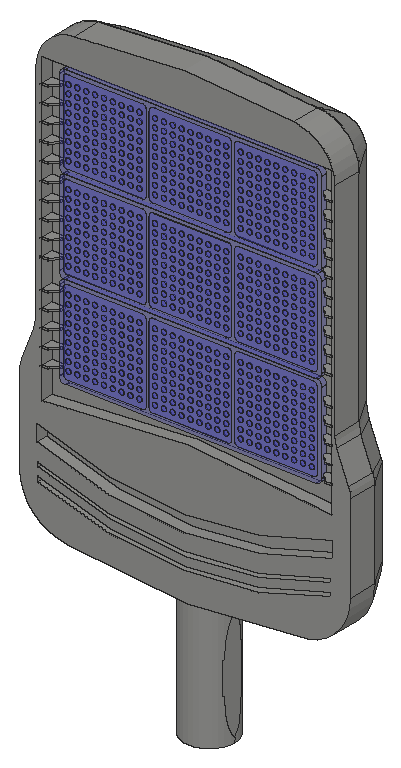
Revit family "VP-4-MAF", category Lighting Fixtures, host Face, Revit 2019
Family settings
  Host = Face
  Round Connector Dimension = Use Diameter
  Part Type = Normal
  OmniClass Number = 23.80.70.11.14.17
  OmniClass Title = Direct/Indirect
  Cut with Voids When Loaded = No
  Light Source = No
  Shared = Yes
  Room Calculation Point = No
Parameters (values of type "VP-4-MAF")
  Wattage Comments = "600 W"
  Warranty = "Five year warranty"  # constant formula
  Voltage = 120 V
  URL = "https://www.currentlighting.com/beacon"
  Type Comments = "Lighting Fixture"  # constant formula
  Product Page URL = "https://www.currentlighting.com/outdoor-lighting/viper-area-size-4/9606406"
  Product Documentation Link = "https://cdn.currentlighting.com/site/specsheet/BEA_VIPERSPEC.pdf"
  Power Factor = 0.9
  Name = "Viper Area Size 4"  # constant formula
  Model = "VP-4-MAF"
  Matt Grey = MATT GREY
  Matt Black = Matt Black
  Manufacturer = "Current Lighting"  # constant formula
  Load Classification = Lighting
  Light Output = 87468.00 cd/m²
  Lamp = "LED"  # constant formula
  Grey = Grey
  Glass = Glass
  Features = "Featuring two different optical technologies, Micro Strike and Strike Optics, which provide the best distribution patterns for retrofit or new construction\r\nVibration rated for high vibration applications including bridges and overpasses\r\nControl options including photo control, occupancy sensing, NX Lighting Controls, wiSCAPE and 7-Pin with networked controls\r\nMounting options include: Arm, Universal Arm, Adjustable Arm, Mast Arm, Decorative Arm, Knuckle, Trunnion, Wall\r\nDistribution options include: Auto Front Row, Type 2, Type 3, Type 4 Forward, Type 4 Wide, Type 5 Narrow, Type 5 Medium, Type 5 Wide, Type 5 Rectangular, Corner Optic, and Tennis Court\r\n\r\n"  # constant formula
  Copyright = "© 2022 Current Lighting"  # constant formula
  Cool Grey = Cool Grey
  Contact Us = "https://www.currentlighting.com/contact-us"
  Certification = "UL"  # constant formula
  Description = "The Viper is an extremely versatile area/site luminaire which blends design, performance, and technology for a variety of applications."  # constant formula
  Default Elevation = 48.00"
  Finish = Arctic White
  Matt White = Matt White
  CRI = "70"  # constant formula
  Brand = "Beacon"  # constant formula
  Assembly Code = "D5020200"
  Apparent Load = 600 VA
Reference planes (in)
  plane 1 "Center (Front/Back)": y = 6.16697
  plane 2: z = 0
  plane 3 "Center (Left/Right)": x = 0
  plane 4: z = 3.75
  plane 5: z = -4.44
  plane 6: x = -1.75
  plane 7: x = 1.75
  plane 8: y = 4.41697
  plane 9: y = 7.91697
  plane 10: z = 120
Lines and regions (in)
  reference lines
    curve 1: line (0, 14.42606, -3.25) -> (0, 17.42606, -0.25)
    curve 2: line (0, -2.09213, -3.25) -> (0, 14.42606, -3.25)
    curve 3: line (0, -5.09213, -0.25) -> (0, -2.09213, -3.25)
    curve 4: line (0, 14.42606, -3.25) -> (0, 17.42606, -0.25)
    curve 5: line (0, -5.09213, -0.25) -> (0, 17.42606, -0.25)
    curve 6: line (0, 17.17606, -0.77432) -> (0, 17.92606, -0.77432)
    curve 7: line (0, 17.17606, -1.52432) -> (0, 17.17606, -0.77432)
    curve 8: line (0, 16.69614, -1.52432) -> (0, 17.17606, -1.52432)
    curve 9: line (0, 14.92606, -4.25) -> (0, 16.69614, -1.52432)
    curve 10: line (0, -4.3622, -1.52432) -> (0, -2.59213, -4.25)
    curve 11: line (0, -4.84213, -1.52432) -> (0, -4.3622, -1.52432)
    curve 12: line (0, -4.84213, -0.77432) -> (0, -4.84213, -1.52432)
    curve 13: line (0, -5.59213, -0.77432) -> (0, -4.84213, -0.77432)
Dimensions and locks (in)
  plane 4 to plane 2 = 3.75"
  plane 8 to plane 9 = 3.50"
  equal spacing: plane 8, plane 1 "Center (Front/Back)", plane 9
  equal spacing: plane 6, plane 3 "Center (Left/Right)", plane 7
  plane 6 to plane 7 = 3.50"
  plane 10 to plane 2 = 120.00"
  aligned and locked: plane 2 to host face
  aligned and locked: level to host face
  aligned and locked: plane 3 "Center (Left/Right)" to nested 1
  aligned and locked: plane 1 "Center (Front/Back)" to nested 1
Automatic sketch dimensions
  host sketch curve to host sketch curve = 96.00"
  host sketch curve to host sketch curve = 85.00"
  curve 3 to level = 0.25"
  plane 8 to curve 3 = 9.50909"
  curve 3 to curve 12 = 0.25"
  curve 11 to curve 11 = 0.47992"
  curve 2 to plane 5 = 1.19"
  curve 10 to curve 2 = 2.27008"
  curve 1 to plane 9 = 6.50909"
  curve 9 to level = 1.52432"
  curve 1 to curve 9 = 2.27008"
  curve 8 to curve 8 = 0.47992"
  curve 6 to curve 4 = 0.25"
  curve 10 to curve 3 = 1.27432"
  curve 7 to curve 1 = 0.52432"
  curve 12 to curve 3 = 0.52432"
  curve 13 to curve 3 = 0.50"
  curve 10 to plane 5 = 0.19"
  curve 10 to curve 2 = 0.50"
  curve 9 to plane 5 = 0.19"
  curve 1 to curve 9 = 0.50"
  curve 1 to curve 6 = 0.50"
Nested families (in)
  nested 1: "SIZE4-MAF" at (0, 6.16697, 0), type "SIZE4-MAF"
Connectors (in)
  electrical at (8.05953, 4.7895, 17.66953)
    settings: on nested 1, index 1, voltage 0 V, apparent load 0 VA, apparent load phase1 0 VA, apparent load phase2 0 VA, apparent load phase3 0 VA, power factor 1, load classification "Other", number of poles 1, system type 30, power factor state 1, is connector primary yes, connector utility no, sub classification motor no, connector description ""
Definition of nested family "SIZE4-MAF"
  Parameters (values of type "SIZE4-MAF")
    Width = 19.62"
    Wattage = 519.1 W
    built-in parameter 1150110 = 1 (stored number, unit not read)
    built-in parameter 1114217 = 1 (stored number, unit not read)
    Tilt Angle = 160.00°
    built-in parameter 1150109 = 1 (stored number, unit not read)
    built-in parameter 1150134 = 3
    built-in parameter 1150113 = 1 (stored number, unit not read)
    Photometric Web File = "VP-4-720L-515-5K7-4W-BC.ies"
    Mount Length = 7.50"
    built-in parameter 1150105 = 3180.8 (stored number, unit not read)
    Lumens = 39970.7 lm
    built-in parameter 1150115 = 1 (stored number, unit not read)
    built-in parameter 1150137 = (empty or 0)
    built-in parameter 1150139 = (empty or 0)
    Length = 27.98"
    built-in parameter 1150112 = 1 (stored number, unit not read)
    built-in parameter 1150114 = 1 (stored number, unit not read)
    built-in parameter 1150132 = (empty or 0)
    built-in parameter 1150102 = (empty or 0)
    built-in parameter 1150107 = 3200 (stored number, unit not read)
    built-in parameter 1150138 = (empty or 0)
    built-in parameter 1150106 = 31.808 (stored number, unit not read)
    Glass = none
    Fixture = none
    built-in parameter 1150104 = 7.1535 (stored number, unit not read)
    Dimming Lamp Color Temperature Shift = (empty or 0)
    Default Elevation = 48.00"
    Color Filter = 16777215
    built-in parameter 1114218 = 1 (stored number, unit not read)
    built-in parameter 1150133 = 10 (stored number, unit not read)
  Reference planes (in)
    plane 1 "Center (Front/Back)": y = 0
    plane 2: z = 0
    plane 3 "Center (Left/Right)": x = 0
    plane 4: x = 9.81
    plane 5: x = -9.81
    plane 6: z = 7.5
    plane 7: z = 35.48
    plane 8: y = -1.74
    plane 9: y = 1.74
  Forms (in)
    Extrusion 1, solid
      sketch origin (0, 0, 0) x (1, 0, 0) y (0, 1, 0)
        loop
          line (-48, 48) -> (-48, -48) -> (48, -48) -> (48, 48) -> (-48, 48)
      from 0 to -12
    Extrusion 2, void
      sketch origin (0, 0, 0) x (1, 0, 0) y (0, 0, 1)
        loop
          arc (-8.40608, 15.16005) -> (0.0771, 15.81374) -> (8.56, 15.15635) r 55.21553
          line (8.56, 15.15635) -> (8.56, 33.16182) -> (-8.40608, 33.16182) -> (-8.40608, 15.16005)
      from 1 to 1.75
    Extrusion 3, solid, material <- "Glass"
      sketch origin (0, 0, -0.5) x (1, 0, 0) y (0, 0, 1)
        loop
          arc (-7.30987, 33.16182) -> (-7.55736, 33.05931) -> (-7.65987, 32.81182) r 0.35
          line (-7.65987, 32.81182) -> (-7.65987, 28.01182)
          arc (-7.65987, 28.01182) -> (-7.55736, 27.76434) -> (-7.30987, 27.66182) r 0.35
          line (-7.30987, 27.66182) -> (7.30987, 27.66182)
          arc (7.30987, 27.66182) -> (7.55736, 27.76434) -> (7.65987, 28.01182) r 0.35
          line (7.65987, 28.01182) -> (7.65987, 32.81182)
          arc (7.65987, 32.81182) -> (7.55736, 33.05931) -> (7.30987, 33.16182) r 0.35
          line (7.30987, 33.16182) -> (-7.30987, 33.16182)
      from 1 to 1.35
    Extrusion 4, solid, material <- "Glass"
      sketch origin (0.375, 0, -0.375) x (1, 0, 0) y (0, 0, 1)
        loop
          circle (-7.47829, 32.33694) r 0.15
        loop
          circle (-6.95955, 32.33694) r 0.15
        loop
          circle (-6.4408, 32.33694) r 0.15
        loop
          circle (-5.92205, 32.33694) r 0.15
        loop
          circle (-5.4033, 32.33694) r 0.15
        loop
          circle (-4.88455, 32.33694) r 0.15
        loop
          circle (-4.3658, 32.33694) r 0.15
        loop
          circle (-3.84705, 32.33694) r 0.15
        loop
          circle (-3.32831, 32.33694) r 0.15
        loop
          circle (-7.47829, 31.83694) r 0.15
        loop
          circle (-6.95955, 31.83694) r 0.15
        loop
          circle (-6.4408, 31.83694) r 0.15
        loop
          circle (-5.92205, 31.83694) r 0.15
        loop
          circle (-5.4033, 31.83694) r 0.15
        loop
          circle (-4.88455, 31.83694) r 0.15
        loop
          circle (-4.3658, 31.83694) r 0.15
        loop
          circle (-3.84705, 31.83694) r 0.15
        loop
          circle (-3.32831, 31.83694) r 0.15
        loop
          circle (-7.47829, 31.33694) r 0.15
        loop
          circle (-6.95955, 31.33694) r 0.15
        loop
          circle (-6.4408, 31.33694) r 0.15
        loop
          circle (-5.92205, 31.33694) r 0.15
        loop
          circle (-5.4033, 31.33694) r 0.15
        loop
          circle (-4.88455, 31.33694) r 0.15
        loop
          circle (-4.3658, 31.33694) r 0.15
        loop
          circle (-3.84705, 31.33694) r 0.15
        loop
          circle (-3.32831, 31.33694) r 0.15
        loop
          circle (-7.47829, 30.83694) r 0.15
        loop
          circle (-6.95955, 30.83694) r 0.15
        loop
          circle (-6.4408, 30.83694) r 0.15
        loop
          circle (-5.92205, 30.83694) r 0.15
        loop
          circle (-5.4033, 30.83694) r 0.15
        loop
          circle (-4.88455, 30.83694) r 0.15
        loop
          circle (-4.3658, 30.83694) r 0.15
        loop
          circle (-3.84705, 30.83694) r 0.15
        loop
          circle (-3.32831, 30.83694) r 0.15
        loop
          circle (-7.47829, 30.33694) r 0.15
        loop
          circle (-6.95955, 30.33694) r 0.15
        loop
          circle (-6.4408, 30.33694) r 0.15
        loop
          circle (-5.92205, 30.33694) r 0.15
        loop
          circle (-5.4033, 30.33694) r 0.15
        loop
          circle (-4.88455, 30.33694) r 0.15
        loop
          circle (-4.3658, 30.33694) r 0.15
        loop
          circle (-3.84705, 30.33694) r 0.15
        loop
          circle (-3.32831, 30.33694) r 0.15
        loop
          circle (-7.47829, 29.83694) r 0.15
        loop
          circle (-6.95955, 29.83694) r 0.15
        loop
          circle (-6.4408, 29.83694) r 0.15
        loop
          circle (-5.92205, 29.83694) r 0.15
        loop
          circle (-5.4033, 29.83694) r 0.15
        loop
          circle (-4.88455, 29.83694) r 0.15
        loop
          circle (-4.3658, 29.83694) r 0.15
        loop
          circle (-3.84705, 29.83694) r 0.15
        loop
          circle (-3.32831, 29.83694) r 0.15
        loop
          circle (-7.47829, 29.33694) r 0.15
        loop
          circle (-6.95955, 29.33694) r 0.15
        loop
          circle (-6.4408, 29.33694) r 0.15
        loop
          circle (-5.92205, 29.33694) r 0.15
        loop
          circle (-5.4033, 29.33694) r 0.15
        loop
          circle (-4.88455, 29.33694) r 0.15
        loop
          circle (-4.3658, 29.33694) r 0.15
        loop
          circle (-3.84705, 29.33694) r 0.15
        loop
          circle (-3.32831, 29.33694) r 0.15
        loop
          circle (-7.47829, 28.83694) r 0.15
        loop
          circle (-6.95955, 28.83694) r 0.15
        loop
          circle (-6.4408, 28.83694) r 0.15
        loop
          circle (-5.92205, 28.83694) r 0.15
        loop
          circle (-5.4033, 28.83694) r 0.15
        loop
          circle (-4.88455, 28.83694) r 0.15
        loop
          circle (-4.3658, 28.83694) r 0.15
        loop
          circle (-3.84705, 28.83694) r 0.15
        loop
          circle (-3.32831, 28.83694) r 0.15
        loop
          circle (-7.47829, 28.33694) r 0.15
        loop
          circle (-6.95955, 28.33694) r 0.15
        loop
          circle (-6.4408, 28.33694) r 0.15
        loop
          circle (-5.92205, 28.33694) r 0.15
        loop
          circle (-5.4033, 28.33694) r 0.15
        loop
          circle (-4.88455, 28.33694) r 0.15
        loop
          circle (-4.3658, 28.33694) r 0.15
        loop
          circle (-3.84705, 28.33694) r 0.15
        loop
          circle (-3.32831, 28.33694) r 0.15
      from 1.35 to 1.4
    Extrusion 5, solid, material <- "Glass"
      sketch origin (0, 0, -0.375) x (1, 0, 0) y (0, 0, 1)
        loop
          arc (-7.16655, 32.8409) -> (-7.34333, 32.76768) -> (-7.41655, 32.5909) r 0.25
          line (-7.41655, 32.5909) -> (-7.41655, 28.0909)
          arc (-7.41655, 28.0909) -> (-7.34333, 27.91412) -> (-7.16655, 27.8409) r 0.25
          line (-7.16655, 27.8409) -> (-2.81123, 27.8409)
          arc (-2.81123, 27.8409) -> (-2.63446, 27.91412) -> (-2.56123, 28.0909) r 0.25
          line (-2.56123, 28.0909) -> (-2.56123, 32.5909)
          arc (-2.56123, 32.5909) -> (-2.63446, 32.76768) -> (-2.81123, 32.8409) r 0.25
          line (-2.81123, 32.8409) -> (-7.16655, 32.8409)
      from 1.35 to 1.37213
    Extrusion 6, solid, material <- "Fixture"
      sketch origin (0, 0, 12.875) x (1, 0, 0) y (0, 1, 0)
        loop
          line (7.68693, -1) -> (7.68693, -1.20146)
          arc (7.68693, -1.20146) -> (7.69367, -1.23973) -> (7.71311, -1.27339) r 0.1119
          line (7.71311, -1.27339) -> (8.07367, -1.70309)
          arc (8.07367, -1.70309) -> (8.10164, -1.72455) -> (8.13607, -1.73219) r 0.08147
          line (8.13607, -1.73219) -> (8.56, -1.73219) -> (8.56, -1) -> (7.68693, -1)
      from 18.55 to 18.65
    Extrusion 7, solid, material <- "Glass"
      sketch origin (-0.375, 0, -0.375) x (-1, 0, 0) y (0, 0, -1)
        loop
          circle (-7.47829, -32.33694) r 0.15
        loop
          circle (-6.95955, -32.33694) r 0.15
        loop
          circle (-6.4408, -32.33694) r 0.15
        loop
          circle (-5.92205, -32.33694) r 0.15
        loop
          circle (-5.4033, -32.33694) r 0.15
        loop
          circle (-4.88455, -32.33694) r 0.15
        loop
          circle (-4.3658, -32.33694) r 0.15
        loop
          circle (-3.84705, -32.33694) r 0.15
        loop
          circle (-3.32831, -32.33694) r 0.15
        loop
          circle (-7.47829, -31.83694) r 0.15
        loop
          circle (-6.95955, -31.83694) r 0.15
        loop
          circle (-6.4408, -31.83694) r 0.15
        loop
          circle (-5.92205, -31.83694) r 0.15
        loop
          circle (-5.4033, -31.83694) r 0.15
        loop
          circle (-4.88455, -31.83694) r 0.15
        loop
          circle (-4.3658, -31.83694) r 0.15
        loop
          circle (-3.84705, -31.83694) r 0.15
        loop
          circle (-3.32831, -31.83694) r 0.15
        loop
          circle (-7.47829, -31.33694) r 0.15
        loop
          circle (-6.95955, -31.33694) r 0.15
        loop
          circle (-6.4408, -31.33694) r 0.15
        loop
          circle (-5.92205, -31.33694) r 0.15
        loop
          circle (-5.4033, -31.33694) r 0.15
        loop
          circle (-4.88455, -31.33694) r 0.15
        loop
          circle (-4.3658, -31.33694) r 0.15
        loop
          circle (-3.84705, -31.33694) r 0.15
        loop
          circle (-3.32831, -31.33694) r 0.15
        loop
          circle (-7.47829, -30.83694) r 0.15
        loop
          circle (-6.95955, -30.83694) r 0.15
        loop
          circle (-6.4408, -30.83694) r 0.15
        loop
          circle (-5.92205, -30.83694) r 0.15
        loop
          circle (-5.4033, -30.83694) r 0.15
        loop
          circle (-4.88455, -30.83694) r 0.15
        loop
          circle (-4.3658, -30.83694) r 0.15
        loop
          circle (-3.84705, -30.83694) r 0.15
        loop
          circle (-3.32831, -30.83694) r 0.15
        loop
          circle (-7.47829, -30.33694) r 0.15
        loop
          circle (-6.95955, -30.33694) r 0.15
        loop
          circle (-6.4408, -30.33694) r 0.15
        loop
          circle (-5.92205, -30.33694) r 0.15
        loop
          circle (-5.4033, -30.33694) r 0.15
        loop
          circle (-4.88455, -30.33694) r 0.15
        loop
          circle (-4.3658, -30.33694) r 0.15
        loop
          circle (-3.84705, -30.33694) r 0.15
        loop
          circle (-3.32831, -30.33694) r 0.15
        loop
          circle (-7.47829, -29.83694) r 0.15
        loop
          circle (-6.95955, -29.83694) r 0.15
        loop
          circle (-6.4408, -29.83694) r 0.15
        loop
          circle (-5.92205, -29.83694) r 0.15
        loop
          circle (-5.4033, -29.83694) r 0.15
        loop
          circle (-4.88455, -29.83694) r 0.15
        loop
          circle (-4.3658, -29.83694) r 0.15
        loop
          circle (-3.84705, -29.83694) r 0.15
        loop
          circle (-3.32831, -29.83694) r 0.15
        loop
          circle (-7.47829, -29.33694) r 0.15
        loop
          circle (-6.95955, -29.33694) r 0.15
        loop
          circle (-6.4408, -29.33694) r 0.15
        loop
          circle (-5.92205, -29.33694) r 0.15
        loop
          circle (-5.4033, -29.33694) r 0.15
        loop
          circle (-4.88455, -29.33694) r 0.15
        loop
          circle (-4.3658, -29.33694) r 0.15
        loop
          circle (-3.84705, -29.33694) r 0.15
        loop
          circle (-3.32831, -29.33694) r 0.15
        loop
          circle (-7.47829, -28.83694) r 0.15
        loop
          circle (-6.95955, -28.83694) r 0.15
        loop
          circle (-6.4408, -28.83694) r 0.15
        loop
          circle (-5.92205, -28.83694) r 0.15
        loop
          circle (-5.4033, -28.83694) r 0.15
        loop
          circle (-4.88455, -28.83694) r 0.15
        loop
          circle (-4.3658, -28.83694) r 0.15
        loop
          circle (-3.84705, -28.83694) r 0.15
        loop
          circle (-3.32831, -28.83694) r 0.15
        loop
          circle (-7.47829, -28.33694) r 0.15
        loop
          circle (-6.95955, -28.33694) r 0.15
        loop
          circle (-6.4408, -28.33694) r 0.15
        loop
          circle (-5.92205, -28.33694) r 0.15
        loop
          circle (-5.4033, -28.33694) r 0.15
        loop
          circle (-4.88455, -28.33694) r 0.15
        loop
          circle (-4.3658, -28.33694) r 0.15
        loop
          circle (-3.84705, -28.33694) r 0.15
        loop
          circle (-3.32831, -28.33694) r 0.15
      from 1.35 to 1.4
    Extrusion 8, solid, material <- "Glass"
      sketch origin (0, 0, -0.375) x (-1, 0, 0) y (0, 0, -1)
        loop
          line (-7.16655, -32.8409) -> (-2.84181, -32.8409)
          arc (-2.84181, -32.8409) -> (-2.66504, -32.76768) -> (-2.59181, -32.5909) r 0.25
          line (-2.59181, -32.5909) -> (-2.59181, -28.0909)
          arc (-2.59181, -28.0909) -> (-2.66504, -27.91412) -> (-2.84181, -27.8409) r 0.25
          line (-2.84181, -27.8409) -> (-7.16655, -27.8409)
          arc (-7.16655, -27.8409) -> (-7.34333, -27.91412) -> (-7.41655, -28.0909) r 0.25
          line (-7.41655, -28.0909) -> (-7.41655, -32.5909)
          arc (-7.41655, -32.5909) -> (-7.34333, -32.76768) -> (-7.16655, -32.8409) r 0.25
      from 1.35 to 1.37213
    Extrusion 9, solid, material <- "Glass"
      sketch origin (0, 0, -5.75) x (1, 0, 0) y (0, 0, 1)
        loop
          arc (-7.30987, 32.91182) -> (-7.55736, 32.80931) -> (-7.65987, 32.56182) r 0.35
          line (-7.65987, 32.56182) -> (-7.65987, 27.76182)
          arc (-7.65987, 27.76182) -> (-7.55736, 27.51434) -> (-7.30987, 27.41182) r 0.35
          line (-7.30987, 27.41182) -> (7.30987, 27.41182)
          arc (7.30987, 27.41182) -> (7.55736, 27.51434) -> (7.65987, 27.76182) r 0.35
          line (7.65987, 27.76182) -> (7.65987, 32.56182)
          arc (7.65987, 32.56182) -> (7.55736, 32.80931) -> (7.30987, 32.91182) r 0.35
          line (7.30987, 32.91182) -> (-7.30987, 32.91182)
      from 1 to 1.35
    Extrusion 10, solid, material <- "Glass"
      sketch origin (0, 0, 47.30365) x (1, 0, 0) y (0, 0, 1)
        loop
          line (-7.30987, -31.14182) -> (7.30987, -31.14182)
          arc (7.30987, -31.14182) -> (7.55736, -31.03931) -> (7.65987, -30.79182) r 0.35
          line (7.65987, -30.79182) -> (7.65987, -25.99182)
          arc (7.65987, -25.99182) -> (7.55736, -25.74434) -> (7.30987, -25.64182) r 0.35
          line (7.30987, -25.64182) -> (-7.30987, -25.64182)
          arc (-7.30987, -25.64182) -> (-7.55736, -25.74434) -> (-7.65987, -25.99182) r 0.35
          line (-7.65987, -25.99182) -> (-7.65987, -30.79182)
          arc (-7.65987, -30.79182) -> (-7.55736, -31.03931) -> (-7.30987, -31.14182) r 0.35
      from 1 to 1.35
    Extrusion 11, solid, material <- "Fixture"
      sketch origin (0, 0, 11.87318) x (1, 0, 0) y (0, 1, 0)
        loop
          line (7.68693, -1) -> (7.68693, -1.20146)
          arc (7.68693, -1.20146) -> (7.69367, -1.23973) -> (7.71311, -1.27339) r 0.1119
          line (7.71311, -1.27339) -> (8.07367, -1.70309)
          arc (8.07367, -1.70309) -> (8.10164, -1.72455) -> (8.13607, -1.73219) r 0.08147
          line (8.13607, -1.73219) -> (8.56, -1.73219) -> (8.56, -1) -> (7.68693, -1)
      from 18.55 to 18.65
    Extrusion 12, solid, material <- "Fixture"
      sketch origin (0, 0, 10.87135) x (1, 0, 0) y (0, 1, 0)
        loop
          line (7.68693, -1) -> (7.68693, -1.20146)
          arc (7.68693, -1.20146) -> (7.69367, -1.23973) -> (7.71311, -1.27339) r 0.1119
          line (7.71311, -1.27339) -> (8.07367, -1.70309)
          arc (8.07367, -1.70309) -> (8.10164, -1.72455) -> (8.13607, -1.73219) r 0.08147
          line (8.13607, -1.73219) -> (8.56, -1.73219) -> (8.56, -1) -> (7.68693, -1)
      from 18.55 to 18.65
    Extrusion 13, solid, material <- "Fixture"
      sketch origin (0, 0, 9.86953) x (1, 0, 0) y (0, 1, 0)
        loop
          line (7.68693, -1) -> (7.68693, -1.20146)
          arc (7.68693, -1.20146) -> (7.69367, -1.23973) -> (7.71311, -1.27339) r 0.1119
          line (7.71311, -1.27339) -> (8.07367, -1.70309)
          arc (8.07367, -1.70309) -> (8.10164, -1.72455) -> (8.13607, -1.73219) r 0.08147
          line (8.13607, -1.73219) -> (8.56, -1.73219) -> (8.56, -1) -> (7.68693, -1)
      from 18.55 to 18.65
    Extrusion 14, solid, material <- "Fixture"
      sketch origin (0, 0, 8.86953) x (1, 0, 0) y (0, 1, 0)
        loop
          line (7.68693, -1) -> (7.68693, -1.20146)
          arc (7.68693, -1.20146) -> (7.69367, -1.23973) -> (7.71311, -1.27339) r 0.1119
          line (7.71311, -1.27339) -> (8.07367, -1.70309)
          arc (8.07367, -1.70309) -> (8.10164, -1.72455) -> (8.13607, -1.73219) r 0.08147
          line (8.13607, -1.73219) -> (8.56, -1.73219) -> (8.56, -1) -> (7.68693, -1)
      from 18.55 to 18.65
    Extrusion 15, solid, material <- "Fixture"
      sketch origin (0, 0, 7.8125) x (1, 0, 0) y (0, 1, 0)
        loop
          line (7.68693, -1) -> (7.68693, -1.20146)
          arc (7.68693, -1.20146) -> (7.69367, -1.23973) -> (7.71311, -1.27339) r 0.1119
          line (7.71311, -1.27339) -> (8.07367, -1.70309)
          arc (8.07367, -1.70309) -> (8.10164, -1.72455) -> (8.13607, -1.73219) r 0.08147
          line (8.13607, -1.73219) -> (8.56, -1.73219) -> (8.56, -1) -> (7.68693, -1)
      from 18.55 to 18.65
    Extrusion 16, solid, material <- "Fixture"
      sketch origin (0, 0, 6.81068) x (1, 0, 0) y (0, 1, 0)
        loop
          line (7.68693, -1) -> (7.68693, -1.20146)
          arc (7.68693, -1.20146) -> (7.69367, -1.23973) -> (7.71311, -1.27339) r 0.1119
          line (7.71311, -1.27339) -> (8.07367, -1.70309)
          arc (8.07367, -1.70309) -> (8.10164, -1.72455) -> (8.13607, -1.73219) r 0.08147
          line (8.13607, -1.73219) -> (8.56, -1.73219) -> (8.56, -1) -> (7.68693, -1)
      from 18.55 to 18.65
    Extrusion 17, solid, material <- "Fixture"
      sketch origin (0, 0, 5.80885) x (1, 0, 0) y (0, 1, 0)
        loop
          line (7.68693, -1) -> (7.68693, -1.20146)
          arc (7.68693, -1.20146) -> (7.69367, -1.23973) -> (7.71311, -1.27339) r 0.1119
          line (7.71311, -1.27339) -> (8.07367, -1.70309)
          arc (8.07367, -1.70309) -> (8.10164, -1.72455) -> (8.13607, -1.73219) r 0.08147
          line (8.13607, -1.73219) -> (8.56, -1.73219) -> (8.56, -1) -> (7.68693, -1)
      from 18.55 to 18.65
    Extrusion 18, solid, material <- "Fixture"
      sketch origin (0, 0, 4.80703) x (1, 0, 0) y (0, 1, 0)
        loop
          line (7.68693, -1) -> (7.68693, -1.20146)
          arc (7.68693, -1.20146) -> (7.69367, -1.23973) -> (7.71311, -1.27339) r 0.1119
          line (7.71311, -1.27339) -> (8.07367, -1.70309)
          arc (8.07367, -1.70309) -> (8.10164, -1.72455) -> (8.13607, -1.73219) r 0.08147
          line (8.13607, -1.73219) -> (8.56, -1.73219) -> (8.56, -1) -> (7.68693, -1)
      from 18.55 to 18.65
    Extrusion 19, solid, material <- "Fixture"
      sketch origin (0, 0, 3.80703) x (1, 0, 0) y (0, 1, 0)
        loop
          line (7.68693, -1) -> (7.68693, -1.20146)
          arc (7.68693, -1.20146) -> (7.69367, -1.23973) -> (7.71311, -1.27339) r 0.1119
          line (7.71311, -1.27339) -> (8.07367, -1.70309)
          arc (8.07367, -1.70309) -> (8.10164, -1.72455) -> (8.13607, -1.73219) r 0.08147
          line (8.13607, -1.73219) -> (8.56, -1.73219) -> (8.56, -1) -> (7.68693, -1)
      from 18.55 to 18.65
    Extrusion 20, solid, material <- "Fixture"
      sketch origin (0, 0, 2.125) x (1, 0, 0) y (0, 1, 0)
        loop
          line (7.68693, -1) -> (7.68693, -1.20146)
          arc (7.68693, -1.20146) -> (7.69367, -1.23973) -> (7.71311, -1.27339) r 0.1119
          line (7.71311, -1.27339) -> (8.07367, -1.70309)
          arc (8.07367, -1.70309) -> (8.10164, -1.72455) -> (8.13607, -1.73219) r 0.08147
          line (8.13607, -1.73219) -> (8.56, -1.73219) -> (8.56, -1) -> (7.68693, -1)
      from 18.55 to 18.65
    Extrusion 21, solid, material <- "Fixture"
      sketch origin (0, 0, 1.12318) x (1, 0, 0) y (0, 1, 0)
        loop
          line (7.68693, -1) -> (7.68693, -1.20146)
          arc (7.68693, -1.20146) -> (7.69367, -1.23973) -> (7.71311, -1.27339) r 0.1119
          line (7.71311, -1.27339) -> (8.07367, -1.70309)
          arc (8.07367, -1.70309) -> (8.10164, -1.72455) -> (8.13607, -1.73219) r 0.08147
          line (8.13607, -1.73219) -> (8.56, -1.73219) -> (8.56, -1) -> (7.68693, -1)
      from 18.55 to 18.65
    Extrusion 22, solid, material <- "Fixture"
      sketch origin (0, 0, 0.12135) x (1, 0, 0) y (0, 1, 0)
        loop
          line (7.68693, -1) -> (7.68693, -1.20146)
          arc (7.68693, -1.20146) -> (7.69367, -1.23973) -> (7.71311, -1.27339) r 0.1119
          line (7.71311, -1.27339) -> (8.07367, -1.70309)
          arc (8.07367, -1.70309) -> (8.10164, -1.72455) -> (8.13607, -1.73219) r 0.08147
          line (8.13607, -1.73219) -> (8.56, -1.73219) -> (8.56, -1) -> (7.68693, -1)
      from 18.55 to 18.65
    Extrusion 23, solid, material <- "Fixture"
      sketch origin (0, 0, -0.88047) x (1, 0, 0) y (0, 1, 0)
        loop
          line (7.68693, -1) -> (7.68693, -1.20146)
          arc (7.68693, -1.20146) -> (7.69367, -1.23973) -> (7.71311, -1.27339) r 0.1119
          line (7.71311, -1.27339) -> (8.07367, -1.70309)
          arc (8.07367, -1.70309) -> (8.10164, -1.72455) -> (8.13607, -1.73219) r 0.08147
          line (8.13607, -1.73219) -> (8.56, -1.73219) -> (8.56, -1) -> (7.68693, -1)
      from 18.55 to 18.65
    Extrusion 24, solid, material <- "Fixture"
      sketch origin (0, 0, -1.88047) x (1, 0, 0) y (0, 1, 0)
        loop
          line (7.68693, -1) -> (7.68693, -1.20146)
          arc (7.68693, -1.20146) -> (7.69367, -1.23973) -> (7.71311, -1.27339) r 0.1119
          line (7.71311, -1.27339) -> (8.07367, -1.70309)
          arc (8.07367, -1.70309) -> (8.10164, -1.72455) -> (8.13607, -1.73219) r 0.08147
          line (8.13607, -1.73219) -> (8.56, -1.73219) -> (8.56, -1) -> (7.68693, -1)
      from 18.55 to 18.65
    Extrusion 25, solid, material <- "Fixture"
      sketch origin (0.07812, 0, 13.125) x (-1, 0, 0) y (0, -1, 0)
        loop
          line (7.68693, 1) -> (8.56, 1) -> (8.56, 1.73219) -> (8.13607, 1.73219)
          arc (8.13607, 1.73219) -> (8.10164, 1.72455) -> (8.07367, 1.70309) r 0.08147
          line (8.07367, 1.70309) -> (7.71311, 1.27339)
          arc (7.71311, 1.27339) -> (7.69367, 1.23973) -> (7.68693, 1.20146) r 0.1119
          line (7.68693, 1.20146) -> (7.68693, 1)
      from 18.55 to 18.65
    Extrusion 26, solid, material <- "Fixture"
      sketch origin (0.07812, 0, 12.12318) x (-1, 0, 0) y (0, -1, 0)
        loop
          line (7.68693, 1) -> (8.56, 1) -> (8.56, 1.73219) -> (8.13607, 1.73219)
          arc (8.13607, 1.73219) -> (8.10164, 1.72455) -> (8.07367, 1.70309) r 0.08147
          line (8.07367, 1.70309) -> (7.71311, 1.27339)
          arc (7.71311, 1.27339) -> (7.69367, 1.23973) -> (7.68693, 1.20146) r 0.1119
          line (7.68693, 1.20146) -> (7.68693, 1)
      from 18.55 to 18.65
    Extrusion 27, solid, material <- "Fixture"
      sketch origin (0.07812, 0, 11.12135) x (-1, 0, 0) y (0, -1, 0)
        loop
          line (7.68693, 1) -> (8.56, 1) -> (8.56, 1.73219) -> (8.13607, 1.73219)
          arc (8.13607, 1.73219) -> (8.10164, 1.72455) -> (8.07367, 1.70309) r 0.08147
          line (8.07367, 1.70309) -> (7.71311, 1.27339)
          arc (7.71311, 1.27339) -> (7.69367, 1.23973) -> (7.68693, 1.20146) r 0.1119
          line (7.68693, 1.20146) -> (7.68693, 1)
      from 18.55 to 18.65
    Extrusion 28, solid, material <- "Fixture"
      sketch origin (0.07812, 0, 10.11953) x (-1, 0, 0) y (0, -1, 0)
        loop
          line (7.68693, 1) -> (8.56, 1) -> (8.56, 1.73219) -> (8.13607, 1.73219)
          arc (8.13607, 1.73219) -> (8.10164, 1.72455) -> (8.07367, 1.70309) r 0.08147
          line (8.07367, 1.70309) -> (7.71311, 1.27339)
          arc (7.71311, 1.27339) -> (7.69367, 1.23973) -> (7.68693, 1.20146) r 0.1119
          line (7.68693, 1.20146) -> (7.68693, 1)
      from 18.55 to 18.65
    Extrusion 29, solid, material <- "Fixture"
      sketch origin (0.07812, 0, 9.11953) x (-1, 0, 0) y (0, -1, 0)
        loop
          line (7.68693, 1) -> (8.56, 1) -> (8.56, 1.73219) -> (8.13607, 1.73219)
          arc (8.13607, 1.73219) -> (8.10164, 1.72455) -> (8.07367, 1.70309) r 0.08147
          line (8.07367, 1.70309) -> (7.71311, 1.27339)
          arc (7.71311, 1.27339) -> (7.69367, 1.23973) -> (7.68693, 1.20146) r 0.1119
          line (7.68693, 1.20146) -> (7.68693, 1)
      from 18.55 to 18.65
    Extrusion 30, solid, material <- "Fixture"
      sketch origin (0.07812, 0, 8.0625) x (-1, 0, 0) y (0, -1, 0)
        loop
          line (7.68693, 1) -> (8.56, 1) -> (8.56, 1.73219) -> (8.13607, 1.73219)
          arc (8.13607, 1.73219) -> (8.10164, 1.72455) -> (8.07367, 1.70309) r 0.08147
          line (8.07367, 1.70309) -> (7.71311, 1.27339)
          arc (7.71311, 1.27339) -> (7.69367, 1.23973) -> (7.68693, 1.20146) r 0.1119
          line (7.68693, 1.20146) -> (7.68693, 1)
      from 18.55 to 18.65
    Extrusion 31, solid, material <- "Fixture"
      sketch origin (0.07812, 0, 7.06068) x (-1, 0, 0) y (0, -1, 0)
        loop
          line (7.68693, 1) -> (8.56, 1) -> (8.56, 1.73219) -> (8.13607, 1.73219)
          arc (8.13607, 1.73219) -> (8.10164, 1.72455) -> (8.07367, 1.70309) r 0.08147
          line (8.07367, 1.70309) -> (7.71311, 1.27339)
          arc (7.71311, 1.27339) -> (7.69367, 1.23973) -> (7.68693, 1.20146) r 0.1119
          line (7.68693, 1.20146) -> (7.68693, 1)
      from 18.55 to 18.65
    Extrusion 32, solid, material <- "Fixture"
      sketch origin (0.07812, 0, 6.05885) x (-1, 0, 0) y (0, -1, 0)
        loop
          line (7.68693, 1) -> (8.56, 1) -> (8.56, 1.73219) -> (8.13607, 1.73219)
          arc (8.13607, 1.73219) -> (8.10164, 1.72455) -> (8.07367, 1.70309) r 0.08147
          line (8.07367, 1.70309) -> (7.71311, 1.27339)
          arc (7.71311, 1.27339) -> (7.69367, 1.23973) -> (7.68693, 1.20146) r 0.1119
          line (7.68693, 1.20146) -> (7.68693, 1)
      from 18.55 to 18.65
    Extrusion 33, solid, material <- "Fixture"
      sketch origin (0.07812, 0, 5.05703) x (-1, 0, 0) y (0, -1, 0)
        loop
          line (7.68693, 1) -> (8.56, 1) -> (8.56, 1.73219) -> (8.13607, 1.73219)
          arc (8.13607, 1.73219) -> (8.10164, 1.72455) -> (8.07367, 1.70309) r 0.08147
          line (8.07367, 1.70309) -> (7.71311, 1.27339)
          arc (7.71311, 1.27339) -> (7.69367, 1.23973) -> (7.68693, 1.20146) r 0.1119
          line (7.68693, 1.20146) -> (7.68693, 1)
      from 18.55 to 18.65
    Extrusion 34, solid, material <- "Fixture"
      sketch origin (0.07812, 0, 4.05703) x (-1, 0, 0) y (0, -1, 0)
        loop
          line (7.68693, 1) -> (8.56, 1) -> (8.56, 1.73219) -> (8.13607, 1.73219)
          arc (8.13607, 1.73219) -> (8.10164, 1.72455) -> (8.07367, 1.70309) r 0.08147
          line (8.07367, 1.70309) -> (7.71311, 1.27339)
          arc (7.71311, 1.27339) -> (7.69367, 1.23973) -> (7.68693, 1.20146) r 0.1119
          line (7.68693, 1.20146) -> (7.68693, 1)
      from 18.55 to 18.65
    Extrusion 35, solid, material <- "Fixture"
      sketch origin (0.07812, 0, 2.375) x (-1, 0, 0) y (0, -1, 0)
        loop
          line (7.68693, 1) -> (8.56, 1) -> (8.56, 1.73219) -> (8.13607, 1.73219)
          arc (8.13607, 1.73219) -> (8.10164, 1.72455) -> (8.07367, 1.70309) r 0.08147
          line (8.07367, 1.70309) -> (7.71311, 1.27339)
          arc (7.71311, 1.27339) -> (7.69367, 1.23973) -> (7.68693, 1.20146) r 0.1119
          line (7.68693, 1.20146) -> (7.68693, 1)
      from 18.55 to 18.65
    Extrusion 36, solid, material <- "Fixture"
      sketch origin (0.07812, 0, 1.37318) x (-1, 0, 0) y (0, -1, 0)
        loop
          line (7.68693, 1) -> (8.56, 1) -> (8.56, 1.73219) -> (8.13607, 1.73219)
          arc (8.13607, 1.73219) -> (8.10164, 1.72455) -> (8.07367, 1.70309) r 0.08147
          line (8.07367, 1.70309) -> (7.71311, 1.27339)
          arc (7.71311, 1.27339) -> (7.69367, 1.23973) -> (7.68693, 1.20146) r 0.1119
          line (7.68693, 1.20146) -> (7.68693, 1)
      from 18.55 to 18.65
    Extrusion 37, solid, material <- "Fixture"
      sketch origin (0.07812, 0, 0.37135) x (-1, 0, 0) y (0, -1, 0)
        loop
          line (7.68693, 1) -> (8.56, 1) -> (8.56, 1.73219) -> (8.13607, 1.73219)
          arc (8.13607, 1.73219) -> (8.10164, 1.72455) -> (8.07367, 1.70309) r 0.08147
          line (8.07367, 1.70309) -> (7.71311, 1.27339)
          arc (7.71311, 1.27339) -> (7.69367, 1.23973) -> (7.68693, 1.20146) r 0.1119
          line (7.68693, 1.20146) -> (7.68693, 1)
      from 18.55 to 18.65
    Extrusion 38, solid, material <- "Fixture"
      sketch origin (0.07812, 0, -0.63047) x (-1, 0, 0) y (0, -1, 0)
        loop
          line (7.68693, 1) -> (8.56, 1) -> (8.56, 1.73219) -> (8.13607, 1.73219)
          arc (8.13607, 1.73219) -> (8.10164, 1.72455) -> (8.07367, 1.70309) r 0.08147
          line (8.07367, 1.70309) -> (7.71311, 1.27339)
          arc (7.71311, 1.27339) -> (7.69367, 1.23973) -> (7.68693, 1.20146) r 0.1119
          line (7.68693, 1.20146) -> (7.68693, 1)
      from 18.55 to 18.65
    Extrusion 39, solid, material <- "Fixture"
      sketch origin (0.07812, 0, -1.63047) x (-1, 0, 0) y (0, -1, 0)
        loop
          line (7.68693, 1) -> (8.56, 1) -> (8.56, 1.73219) -> (8.13607, 1.73219)
          arc (8.13607, 1.73219) -> (8.10164, 1.72455) -> (8.07367, 1.70309) r 0.08147
          line (8.07367, 1.70309) -> (7.71311, 1.27339)
          arc (7.71311, 1.27339) -> (7.69367, 1.23973) -> (7.68693, 1.20146) r 0.1119
          line (7.68693, 1.20146) -> (7.68693, 1)
      from 18.55 to 18.65
    Extrusion 40, void
      sketch origin (0, 0, 3.625) x (1, 0, 0) y (0, 0, 1)
        loop
          line (-8.70207, 10.26622) -> (-8.70207, 9.26622)
          arc (-8.70207, 9.26622) -> (-0.07103, 7.54738) -> (8.57, 9.21524) r 22.86863
          line (8.57, 9.21524) -> (8.57, 10.21524)
          arc (8.57, 10.21524) -> (-0.07103, 8.54738) -> (-8.70207, 10.26622) r 22.86863
        loop
          line (-8.61035, 8.24972) -> (-8.61035, 7.97854)
          arc (-8.61035, 7.97854) -> (-0.06712, 6.29523) -> (8.48535, 7.93095) r 22.84399
          line (8.48535, 7.93095) -> (8.48535, 8.20243)
          arc (8.48535, 8.20243) -> (-0.06706, 6.57598) -> (-8.61035, 8.24972) r 22.96502
        loop
          line (-8.61035, 7.49972) -> (-8.61035, 7.22854)
          arc (-8.61035, 7.22854) -> (-0.06712, 5.54523) -> (8.48535, 7.18095) r 22.84399
          line (8.48535, 7.18095) -> (8.48535, 7.45243)
          arc (8.48535, 7.45243) -> (-0.06706, 5.82598) -> (-8.61035, 7.49972) r 22.96502
      from 1 to 1.75
    Extrusion 41, solid, material <- "Glass"
      sketch origin (-5.375, 0, -0.375) x (-1, 0, 0) y (0, 0, -1)
        loop
          circle (-7.47829, -32.33694) r 0.15
        loop
          circle (-6.95955, -32.33694) r 0.15
        loop
          circle (-6.4408, -32.33694) r 0.15
        loop
          circle (-5.92205, -32.33694) r 0.15
        loop
          circle (-5.4033, -32.33694) r 0.15
        loop
          circle (-4.88455, -32.33694) r 0.15
        loop
          circle (-4.3658, -32.33694) r 0.15
        loop
          circle (-3.84705, -32.33694) r 0.15
        loop
          circle (-3.32831, -32.33694) r 0.15
        loop
          circle (-7.47829, -31.83694) r 0.15
        loop
          circle (-6.95955, -31.83694) r 0.15
        loop
          circle (-6.4408, -31.83694) r 0.15
        loop
          circle (-5.92205, -31.83694) r 0.15
        loop
          circle (-5.4033, -31.83694) r 0.15
        loop
          circle (-4.88455, -31.83694) r 0.15
        loop
          circle (-4.3658, -31.83694) r 0.15
        loop
          circle (-3.84705, -31.83694) r 0.15
        loop
          circle (-3.32831, -31.83694) r 0.15
        loop
          circle (-7.47829, -31.33694) r 0.15
        loop
          circle (-6.95955, -31.33694) r 0.15
        loop
          circle (-6.4408, -31.33694) r 0.15
        loop
          circle (-5.92205, -31.33694) r 0.15
        loop
          circle (-5.4033, -31.33694) r 0.15
        loop
          circle (-4.88455, -31.33694) r 0.15
        loop
          circle (-4.3658, -31.33694) r 0.15
        loop
          circle (-3.84705, -31.33694) r 0.15
        loop
          circle (-3.32831, -31.33694) r 0.15
        loop
          circle (-7.47829, -30.83694) r 0.15
        loop
          circle (-6.95955, -30.83694) r 0.15
        loop
          circle (-6.4408, -30.83694) r 0.15
        loop
          circle (-5.92205, -30.83694) r 0.15
        loop
          circle (-5.4033, -30.83694) r 0.15
        loop
          circle (-4.88455, -30.83694) r 0.15
        loop
          circle (-4.3658, -30.83694) r 0.15
        loop
          circle (-3.84705, -30.83694) r 0.15
        loop
          circle (-3.32831, -30.83694) r 0.15
        loop
          circle (-7.47829, -30.33694) r 0.15
        loop
          circle (-6.95955, -30.33694) r 0.15
        loop
          circle (-6.4408, -30.33694) r 0.15
        loop
          circle (-5.92205, -30.33694) r 0.15
        loop
          circle (-5.4033, -30.33694) r 0.15
        loop
          circle (-4.88455, -30.33694) r 0.15
        loop
          circle (-4.3658, -30.33694) r 0.15
        loop
          circle (-3.84705, -30.33694) r 0.15
        loop
          circle (-3.32831, -30.33694) r 0.15
        loop
          circle (-7.47829, -29.83694) r 0.15
        loop
          circle (-6.95955, -29.83694) r 0.15
        loop
          circle (-6.4408, -29.83694) r 0.15
        loop
          circle (-5.92205, -29.83694) r 0.15
        loop
          circle (-5.4033, -29.83694) r 0.15
        loop
          circle (-4.88455, -29.83694) r 0.15
        loop
          circle (-4.3658, -29.83694) r 0.15
        loop
          circle (-3.84705, -29.83694) r 0.15
        loop
          circle (-3.32831, -29.83694) r 0.15
        loop
          circle (-7.47829, -29.33694) r 0.15
        loop
          circle (-6.95955, -29.33694) r 0.15
        loop
          circle (-6.4408, -29.33694) r 0.15
        loop
          circle (-5.92205, -29.33694) r 0.15
        loop
          circle (-5.4033, -29.33694) r 0.15
        loop
          circle (-4.88455, -29.33694) r 0.15
        loop
          circle (-4.3658, -29.33694) r 0.15
        loop
          circle (-3.84705, -29.33694) r 0.15
        loop
          circle (-3.32831, -29.33694) r 0.15
        loop
          circle (-7.47829, -28.83694) r 0.15
        loop
          circle (-6.95955, -28.83694) r 0.15
        loop
          circle (-6.4408, -28.83694) r 0.15
        loop
          circle (-5.92205, -28.83694) r 0.15
        loop
          circle (-5.4033, -28.83694) r 0.15
        loop
          circle (-4.88455, -28.83694) r 0.15
        loop
          circle (-4.3658, -28.83694) r 0.15
        loop
          circle (-3.84705, -28.83694) r 0.15
        loop
          circle (-3.32831, -28.83694) r 0.15
        loop
          circle (-7.47829, -28.33694) r 0.15
        loop
          circle (-6.95955, -28.33694) r 0.15
        loop
          circle (-6.4408, -28.33694) r 0.15
        loop
          circle (-5.92205, -28.33694) r 0.15
        loop
          circle (-5.4033, -28.33694) r 0.15
        loop
          circle (-4.88455, -28.33694) r 0.15
        loop
          circle (-4.3658, -28.33694) r 0.15
        loop
          circle (-3.84705, -28.33694) r 0.15
        loop
          circle (-3.32831, -28.33694) r 0.15
      from 1.35 to 1.4
    Extrusion 42, solid, material <- "Glass"
      sketch origin (-5, 0, -0.375) x (-1, 0, 0) y (0, 0, -1)
        loop
          line (-7.16655, -32.8409) -> (-2.84181, -32.8409)
          arc (-2.84181, -32.8409) -> (-2.66504, -32.76768) -> (-2.59181, -32.5909) r 0.25
          line (-2.59181, -32.5909) -> (-2.59181, -28.0909)
          arc (-2.59181, -28.0909) -> (-2.66504, -27.91412) -> (-2.84181, -27.8409) r 0.25
          line (-2.84181, -27.8409) -> (-7.16655, -27.8409)
          arc (-7.16655, -27.8409) -> (-7.34333, -27.91412) -> (-7.41655, -28.0909) r 0.25
          line (-7.41655, -28.0909) -> (-7.41655, -32.5909)
          arc (-7.41655, -32.5909) -> (-7.34333, -32.76768) -> (-7.16655, -32.8409) r 0.25
      from 1.35 to 1.37213
    Extrusion 43, solid, material <- "Glass"
      sketch origin (0.375, 0, -5.875) x (1, 0, 0) y (0, 0, 1)
        loop
          circle (-7.47829, 32.33694) r 0.15
        loop
          circle (-6.95955, 32.33694) r 0.15
        loop
          circle (-6.4408, 32.33694) r 0.15
        loop
          circle (-5.92205, 32.33694) r 0.15
        loop
          circle (-5.4033, 32.33694) r 0.15
        loop
          circle (-4.88455, 32.33694) r 0.15
        loop
          circle (-4.3658, 32.33694) r 0.15
        loop
          circle (-3.84705, 32.33694) r 0.15
        loop
          circle (-3.32831, 32.33694) r 0.15
        loop
          circle (-7.47829, 31.83694) r 0.15
        loop
          circle (-6.95955, 31.83694) r 0.15
        loop
          circle (-6.4408, 31.83694) r 0.15
        loop
          circle (-5.92205, 31.83694) r 0.15
        loop
          circle (-5.4033, 31.83694) r 0.15
        loop
          circle (-4.88455, 31.83694) r 0.15
        loop
          circle (-4.3658, 31.83694) r 0.15
        loop
          circle (-3.84705, 31.83694) r 0.15
        loop
          circle (-3.32831, 31.83694) r 0.15
        loop
          circle (-7.47829, 31.33694) r 0.15
        loop
          circle (-6.95955, 31.33694) r 0.15
        loop
          circle (-6.4408, 31.33694) r 0.15
        loop
          circle (-5.92205, 31.33694) r 0.15
        loop
          circle (-5.4033, 31.33694) r 0.15
        loop
          circle (-4.88455, 31.33694) r 0.15
        loop
          circle (-4.3658, 31.33694) r 0.15
        loop
          circle (-3.84705, 31.33694) r 0.15
        loop
          circle (-3.32831, 31.33694) r 0.15
        loop
          circle (-7.47829, 30.83694) r 0.15
        loop
          circle (-6.95955, 30.83694) r 0.15
        loop
          circle (-6.4408, 30.83694) r 0.15
        loop
          circle (-5.92205, 30.83694) r 0.15
        loop
          circle (-5.4033, 30.83694) r 0.15
        loop
          circle (-4.88455, 30.83694) r 0.15
        loop
          circle (-4.3658, 30.83694) r 0.15
        loop
          circle (-3.84705, 30.83694) r 0.15
        loop
          circle (-3.32831, 30.83694) r 0.15
        loop
          circle (-7.47829, 30.33694) r 0.15
        loop
          circle (-6.95955, 30.33694) r 0.15
        loop
          circle (-6.4408, 30.33694) r 0.15
        loop
          circle (-5.92205, 30.33694) r 0.15
        loop
          circle (-5.4033, 30.33694) r 0.15
        loop
          circle (-4.88455, 30.33694) r 0.15
        loop
          circle (-4.3658, 30.33694) r 0.15
        loop
          circle (-3.84705, 30.33694) r 0.15
        loop
          circle (-3.32831, 30.33694) r 0.15
        loop
          circle (-7.47829, 29.83694) r 0.15
        loop
          circle (-6.95955, 29.83694) r 0.15
        loop
          circle (-6.4408, 29.83694) r 0.15
        loop
          circle (-5.92205, 29.83694) r 0.15
        loop
          circle (-5.4033, 29.83694) r 0.15
        loop
          circle (-4.88455, 29.83694) r 0.15
        loop
          circle (-4.3658, 29.83694) r 0.15
        loop
          circle (-3.84705, 29.83694) r 0.15
        loop
          circle (-3.32831, 29.83694) r 0.15
        loop
          circle (-7.47829, 29.33694) r 0.15
        loop
          circle (-6.95955, 29.33694) r 0.15
        loop
          circle (-6.4408, 29.33694) r 0.15
        loop
          circle (-5.92205, 29.33694) r 0.15
        loop
          circle (-5.4033, 29.33694) r 0.15
        loop
          circle (-4.88455, 29.33694) r 0.15
        loop
          circle (-4.3658, 29.33694) r 0.15
        loop
          circle (-3.84705, 29.33694) r 0.15
        loop
          circle (-3.32831, 29.33694) r 0.15
        loop
          circle (-7.47829, 28.83694) r 0.15
        loop
          circle (-6.95955, 28.83694) r 0.15
        loop
          circle (-6.4408, 28.83694) r 0.15
        loop
          circle (-5.92205, 28.83694) r 0.15
        loop
          circle (-5.4033, 28.83694) r 0.15
        loop
          circle (-4.88455, 28.83694) r 0.15
        loop
          circle (-4.3658, 28.83694) r 0.15
        loop
          circle (-3.84705, 28.83694) r 0.15
        loop
          circle (-3.32831, 28.83694) r 0.15
        loop
          circle (-7.47829, 28.33694) r 0.15
        loop
          circle (-6.95955, 28.33694) r 0.15
        loop
          circle (-6.4408, 28.33694) r 0.15
        loop
          circle (-5.92205, 28.33694) r 0.15
        loop
          circle (-5.4033, 28.33694) r 0.15
        loop
          circle (-4.88455, 28.33694) r 0.15
        loop
          circle (-4.3658, 28.33694) r 0.15
        loop
          circle (-3.84705, 28.33694) r 0.15
        loop
          circle (-3.32831, 28.33694) r 0.15
      from 1.35 to 1.4
    Extrusion 44, solid, material <- "Glass"
      sketch origin (0, 0, -5.875) x (1, 0, 0) y (0, 0, 1)
        loop
          arc (-7.16655, 32.8409) -> (-7.34333, 32.76768) -> (-7.41655, 32.5909) r 0.25
          line (-7.41655, 32.5909) -> (-7.41655, 28.0909)
          arc (-7.41655, 28.0909) -> (-7.34333, 27.91412) -> (-7.16655, 27.8409) r 0.25
          line (-7.16655, 27.8409) -> (-2.81123, 27.8409)
          arc (-2.81123, 27.8409) -> (-2.63446, 27.91412) -> (-2.56123, 28.0909) r 0.25
          line (-2.56123, 28.0909) -> (-2.56123, 32.5909)
          arc (-2.56123, 32.5909) -> (-2.63446, 32.76768) -> (-2.81123, 32.8409) r 0.25
          line (-2.81123, 32.8409) -> (-7.16655, 32.8409)
      from 1.35 to 1.37213
    Extrusion 45, solid, material <- "Glass"
      sketch origin (-0.375, 0, -5.875) x (-1, 0, 0) y (0, 0, -1)
        loop
          circle (-7.47829, -32.33694) r 0.15
        loop
          circle (-6.95955, -32.33694) r 0.15
        loop
          circle (-6.4408, -32.33694) r 0.15
        loop
          circle (-5.92205, -32.33694) r 0.15
        loop
          circle (-5.4033, -32.33694) r 0.15
        loop
          circle (-4.88455, -32.33694) r 0.15
        loop
          circle (-4.3658, -32.33694) r 0.15
        loop
          circle (-3.84705, -32.33694) r 0.15
        loop
          circle (-3.32831, -32.33694) r 0.15
        loop
          circle (-7.47829, -31.83694) r 0.15
        loop
          circle (-6.95955, -31.83694) r 0.15
        loop
          circle (-6.4408, -31.83694) r 0.15
        loop
          circle (-5.92205, -31.83694) r 0.15
        loop
          circle (-5.4033, -31.83694) r 0.15
        loop
          circle (-4.88455, -31.83694) r 0.15
        loop
          circle (-4.3658, -31.83694) r 0.15
        loop
          circle (-3.84705, -31.83694) r 0.15
        loop
          circle (-3.32831, -31.83694) r 0.15
        loop
          circle (-7.47829, -31.33694) r 0.15
        loop
          circle (-6.95955, -31.33694) r 0.15
        loop
          circle (-6.4408, -31.33694) r 0.15
        loop
          circle (-5.92205, -31.33694) r 0.15
        loop
          circle (-5.4033, -31.33694) r 0.15
        loop
          circle (-4.88455, -31.33694) r 0.15
        loop
          circle (-4.3658, -31.33694) r 0.15
        loop
          circle (-3.84705, -31.33694) r 0.15
        loop
          circle (-3.32831, -31.33694) r 0.15
        loop
          circle (-7.47829, -30.83694) r 0.15
        loop
          circle (-6.95955, -30.83694) r 0.15
        loop
          circle (-6.4408, -30.83694) r 0.15
        loop
          circle (-5.92205, -30.83694) r 0.15
        loop
          circle (-5.4033, -30.83694) r 0.15
        loop
          circle (-4.88455, -30.83694) r 0.15
        loop
          circle (-4.3658, -30.83694) r 0.15
        loop
          circle (-3.84705, -30.83694) r 0.15
        loop
          circle (-3.32831, -30.83694) r 0.15
        loop
          circle (-7.47829, -30.33694) r 0.15
        loop
          circle (-6.95955, -30.33694) r 0.15
        loop
          circle (-6.4408, -30.33694) r 0.15
        loop
          circle (-5.92205, -30.33694) r 0.15
        loop
          circle (-5.4033, -30.33694) r 0.15
        loop
          circle (-4.88455, -30.33694) r 0.15
        loop
          circle (-4.3658, -30.33694) r 0.15
        loop
          circle (-3.84705, -30.33694) r 0.15
        loop
          circle (-3.32831, -30.33694) r 0.15
        loop
          circle (-7.47829, -29.83694) r 0.15
        loop
          circle (-6.95955, -29.83694) r 0.15
        loop
          circle (-6.4408, -29.83694) r 0.15
        loop
          circle (-5.92205, -29.83694) r 0.15
        loop
          circle (-5.4033, -29.83694) r 0.15
        loop
          circle (-4.88455, -29.83694) r 0.15
        loop
          circle (-4.3658, -29.83694) r 0.15
        loop
          circle (-3.84705, -29.83694) r 0.15
        loop
          circle (-3.32831, -29.83694) r 0.15
        loop
          circle (-7.47829, -29.33694) r 0.15
        loop
          circle (-6.95955, -29.33694) r 0.15
        loop
          circle (-6.4408, -29.33694) r 0.15
        loop
          circle (-5.92205, -29.33694) r 0.15
        loop
          circle (-5.4033, -29.33694) r 0.15
        loop
          circle (-4.88455, -29.33694) r 0.15
        loop
          circle (-4.3658, -29.33694) r 0.15
        loop
          circle (-3.84705, -29.33694) r 0.15
        loop
          circle (-3.32831, -29.33694) r 0.15
        loop
          circle (-7.47829, -28.83694) r 0.15
        loop
          circle (-6.95955, -28.83694) r 0.15
        loop
          circle (-6.4408, -28.83694) r 0.15
        loop
          circle (-5.92205, -28.83694) r 0.15
        loop
          circle (-5.4033, -28.83694) r 0.15
        loop
          circle (-4.88455, -28.83694) r 0.15
        loop
          circle (-4.3658, -28.83694) r 0.15
        loop
          circle (-3.84705, -28.83694) r 0.15
        loop
          circle (-3.32831, -28.83694) r 0.15
        loop
          circle (-7.47829, -28.33694) r 0.15
        loop
          circle (-6.95955, -28.33694) r 0.15
        loop
          circle (-6.4408, -28.33694) r 0.15
        loop
          circle (-5.92205, -28.33694) r 0.15
        loop
          circle (-5.4033, -28.33694) r 0.15
        loop
          circle (-4.88455, -28.33694) r 0.15
        loop
          circle (-4.3658, -28.33694) r 0.15
        loop
          circle (-3.84705, -28.33694) r 0.15
        loop
          circle (-3.32831, -28.33694) r 0.15
      from 1.35 to 1.4
    Extrusion 46, solid, material <- "Glass"
      sketch origin (0, 0, -5.875) x (-1, 0, 0) y (0, 0, -1)
        loop
          line (-7.16655, -32.8409) -> (-2.84181, -32.8409)
          arc (-2.84181, -32.8409) -> (-2.66504, -32.76768) -> (-2.59181, -32.5909) r 0.25
          line (-2.59181, -32.5909) -> (-2.59181, -28.0909)
          arc (-2.59181, -28.0909) -> (-2.66504, -27.91412) -> (-2.84181, -27.8409) r 0.25
          line (-2.84181, -27.8409) -> (-7.16655, -27.8409)
          arc (-7.16655, -27.8409) -> (-7.34333, -27.91412) -> (-7.41655, -28.0909) r 0.25
          line (-7.41655, -28.0909) -> (-7.41655, -32.5909)
          arc (-7.41655, -32.5909) -> (-7.34333, -32.76768) -> (-7.16655, -32.8409) r 0.25
      from 1.35 to 1.37213
    Extrusion 47, solid, material <- "Glass"
      sketch origin (-5.375, 0, -5.875) x (-1, 0, 0) y (0, 0, -1)
        loop
          circle (-7.47829, -32.33694) r 0.15
        loop
          circle (-6.95955, -32.33694) r 0.15
        loop
          circle (-6.4408, -32.33694) r 0.15
        loop
          circle (-5.92205, -32.33694) r 0.15
        loop
          circle (-5.4033, -32.33694) r 0.15
        loop
          circle (-4.88455, -32.33694) r 0.15
        loop
          circle (-4.3658, -32.33694) r 0.15
        loop
          circle (-3.84705, -32.33694) r 0.15
        loop
          circle (-3.32831, -32.33694) r 0.15
        loop
          circle (-7.47829, -31.83694) r 0.15
        loop
          circle (-6.95955, -31.83694) r 0.15
        loop
          circle (-6.4408, -31.83694) r 0.15
        loop
          circle (-5.92205, -31.83694) r 0.15
        loop
          circle (-5.4033, -31.83694) r 0.15
        loop
          circle (-4.88455, -31.83694) r 0.15
        loop
          circle (-4.3658, -31.83694) r 0.15
        loop
          circle (-3.84705, -31.83694) r 0.15
        loop
          circle (-3.32831, -31.83694) r 0.15
        loop
          circle (-7.47829, -31.33694) r 0.15
        loop
          circle (-6.95955, -31.33694) r 0.15
        loop
          circle (-6.4408, -31.33694) r 0.15
        loop
          circle (-5.92205, -31.33694) r 0.15
        loop
          circle (-5.4033, -31.33694) r 0.15
        loop
          circle (-4.88455, -31.33694) r 0.15
        loop
          circle (-4.3658, -31.33694) r 0.15
        loop
          circle (-3.84705, -31.33694) r 0.15
        loop
          circle (-3.32831, -31.33694) r 0.15
        loop
          circle (-7.47829, -30.83694) r 0.15
        loop
          circle (-6.95955, -30.83694) r 0.15
        loop
          circle (-6.4408, -30.83694) r 0.15
        loop
          circle (-5.92205, -30.83694) r 0.15
        loop
          circle (-5.4033, -30.83694) r 0.15
        loop
          circle (-4.88455, -30.83694) r 0.15
        loop
          circle (-4.3658, -30.83694) r 0.15
        loop
          circle (-3.84705, -30.83694) r 0.15
        loop
          circle (-3.32831, -30.83694) r 0.15
        loop
          circle (-7.47829, -30.33694) r 0.15
        loop
          circle (-6.95955, -30.33694) r 0.15
        loop
          circle (-6.4408, -30.33694) r 0.15
        loop
          circle (-5.92205, -30.33694) r 0.15
        loop
          circle (-5.4033, -30.33694) r 0.15
        loop
          circle (-4.88455, -30.33694) r 0.15
        loop
          circle (-4.3658, -30.33694) r 0.15
        loop
          circle (-3.84705, -30.33694) r 0.15
        loop
          circle (-3.32831, -30.33694) r 0.15
        loop
          circle (-7.47829, -29.83694) r 0.15
        loop
          circle (-6.95955, -29.83694) r 0.15
        loop
          circle (-6.4408, -29.83694) r 0.15
        loop
          circle (-5.92205, -29.83694) r 0.15
        loop
          circle (-5.4033, -29.83694) r 0.15
        loop
          circle (-4.88455, -29.83694) r 0.15
        loop
          circle (-4.3658, -29.83694) r 0.15
        loop
          circle (-3.84705, -29.83694) r 0.15
        loop
          circle (-3.32831, -29.83694) r 0.15
        loop
          circle (-7.47829, -29.33694) r 0.15
        loop
          circle (-6.95955, -29.33694) r 0.15
        loop
          circle (-6.4408, -29.33694) r 0.15
        loop
          circle (-5.92205, -29.33694) r 0.15
        loop
          circle (-5.4033, -29.33694) r 0.15
        loop
          circle (-4.88455, -29.33694) r 0.15
        loop
          circle (-4.3658, -29.33694) r 0.15
        loop
          circle (-3.84705, -29.33694) r 0.15
        loop
          circle (-3.32831, -29.33694) r 0.15
        loop
          circle (-7.47829, -28.83694) r 0.15
        loop
          circle (-6.95955, -28.83694) r 0.15
        loop
          circle (-6.4408, -28.83694) r 0.15
        loop
          circle (-5.92205, -28.83694) r 0.15
        loop
          circle (-5.4033, -28.83694) r 0.15
        loop
          circle (-4.88455, -28.83694) r 0.15
        loop
          circle (-4.3658, -28.83694) r 0.15
        loop
          circle (-3.84705, -28.83694) r 0.15
        loop
          circle (-3.32831, -28.83694) r 0.15
        loop
          circle (-7.47829, -28.33694) r 0.15
        loop
          circle (-6.95955, -28.33694) r 0.15
        loop
          circle (-6.4408, -28.33694) r 0.15
        loop
          circle (-5.92205, -28.33694) r 0.15
        loop
          circle (-5.4033, -28.33694) r 0.15
        loop
          circle (-4.88455, -28.33694) r 0.15
        loop
          circle (-4.3658, -28.33694) r 0.15
        loop
          circle (-3.84705, -28.33694) r 0.15
        loop
          circle (-3.32831, -28.33694) r 0.15
      from 1.35 to 1.4
    Extrusion 48, solid, material <- "Glass"
      sketch origin (-5, 0, -5.875) x (-1, 0, 0) y (0, 0, -1)
        loop
          line (-7.16655, -32.8409) -> (-2.84181, -32.8409)
          arc (-2.84181, -32.8409) -> (-2.66504, -32.76768) -> (-2.59181, -32.5909) r 0.25
          line (-2.59181, -32.5909) -> (-2.59181, -28.0909)
          arc (-2.59181, -28.0909) -> (-2.66504, -27.91412) -> (-2.84181, -27.8409) r 0.25
          line (-2.84181, -27.8409) -> (-7.16655, -27.8409)
          arc (-7.16655, -27.8409) -> (-7.34333, -27.91412) -> (-7.41655, -28.0909) r 0.25
          line (-7.41655, -28.0909) -> (-7.41655, -32.5909)
          arc (-7.41655, -32.5909) -> (-7.34333, -32.76768) -> (-7.16655, -32.8409) r 0.25
      from 1.35 to 1.37213
    Extrusion 49, solid, material <- "Glass"
      sketch origin (0.375, 0, -11.375) x (1, 0, 0) y (0, 0, 1)
        loop
          circle (-7.47829, 32.33694) r 0.15
        loop
          circle (-6.95955, 32.33694) r 0.15
        loop
          circle (-6.4408, 32.33694) r 0.15
        loop
          circle (-5.92205, 32.33694) r 0.15
        loop
          circle (-5.4033, 32.33694) r 0.15
        loop
          circle (-4.88455, 32.33694) r 0.15
        loop
          circle (-4.3658, 32.33694) r 0.15
        loop
          circle (-3.84705, 32.33694) r 0.15
        loop
          circle (-3.32831, 32.33694) r 0.15
        loop
          circle (-7.47829, 31.83694) r 0.15
        loop
          circle (-6.95955, 31.83694) r 0.15
        loop
          circle (-6.4408, 31.83694) r 0.15
        loop
          circle (-5.92205, 31.83694) r 0.15
